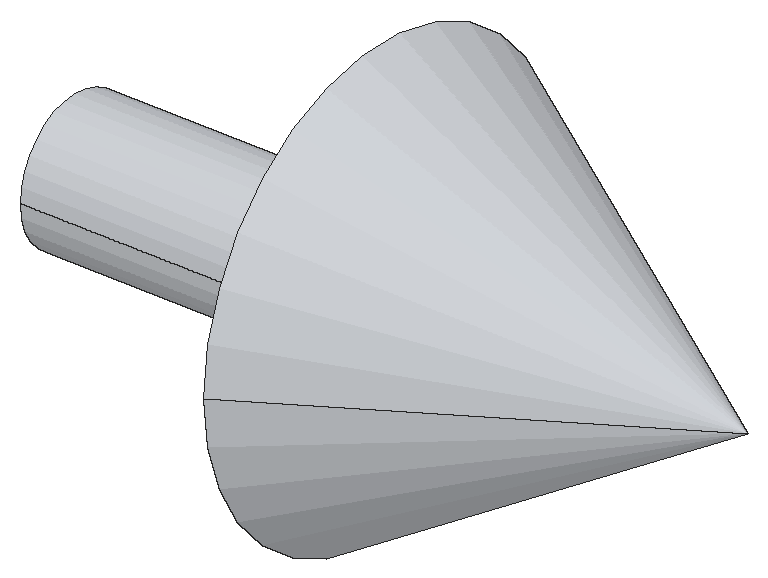
Revit family "Routing Corn Point", category Mechanical Equipment, Revit 2022
Family settings
  Round Connector Dimension = Use Diameter
  Part Type = Normal
  OmniClass Number = 23.75.00.00
  OmniClass Title = Climate Control (HVAC)
  Work Plane-Based = No
  Always vertical = Yes
  Cut with Voids When Loaded = No
  Maintain Annotation Orientation = No
  Shared = No
  Room Calculation Point = No
Parameters
  Default Elevation = 0 mm
  Arent-RoundDuct-MarkupDiameter [instance] = [Arent-RoundDuct-Diameter] + 20 mm  # 30.16 mm
  Arent-RoundDuct-Diameter [instance] = 10.16 mm
Reference planes
  plane 1 "Center (Front/Back)": y = 0
  plane 2: z = 0
  plane 3 "Center (Left/Right)": x = 0
  plane 4: x = -25
  plane 5: x = 25
  plane 6: x = 12.5
  plane 7: y = 60
  plane 8: y = -15.08
  plane 9: y = 15.08
  plane 10: y = 54.92
  plane 11: y = 65.08
Forms (mm)
  Revolve 1, solid
    sketch origin (24.156, 41.442, 60) x (1, 0, 0) y (0, 1, 0)
      loop
        line (25, 60) -> (-25, 60) -> (-25, 54.92) -> (-2.259, 54.92) -> (-2.259, 43.557) -> (25, 60)
      axis (-25, 60) -> (25, 60)
    angle from 0 to 360
Dimensions and locks
  equal spacing: plane 4, plane 3 "Center (Left/Right)", plane 5
  plane 4 to plane 5 = 50 mm
  equal spacing: plane 3 "Center (Left/Right)", plane 6, plane 5
  equal spacing: plane 8, plane 1 "Center (Front/Back)", plane 9
  "Arent-RoundDuct-MarkupDiameter": plane 8 to plane 9
  equal spacing: plane 11, plane 7, plane 10
  plane 11 to plane 9 = 50 mm
  locked: plane 11 to plane 10 at 10.16
  aligned and locked: level to plane 2
Automatic sketch dimensions
  plane 4 to Revolve 1 sketch curve = 24.156 mm
  plane 3 "Center (Left/Right)" to Revolve 1 sketch curve = 21.897 mm
  plane 5 to Revolve 1 sketch curve = 24.156 mm
  Revolve 1 sketch curve to Revolve 1 sketch curve = 11.363 mm
  plane 4 to Revolve 1 sketch curve = 9.224 mm
  Revolve 1 sketch curve to Revolve 1 sketch curve = 30.757 mm
  Revolve 1 sketch curve to plane 10 = 30.079 mm
  Revolve 1 sketch curve to plane 11 = 36.361 mm  (x2)
